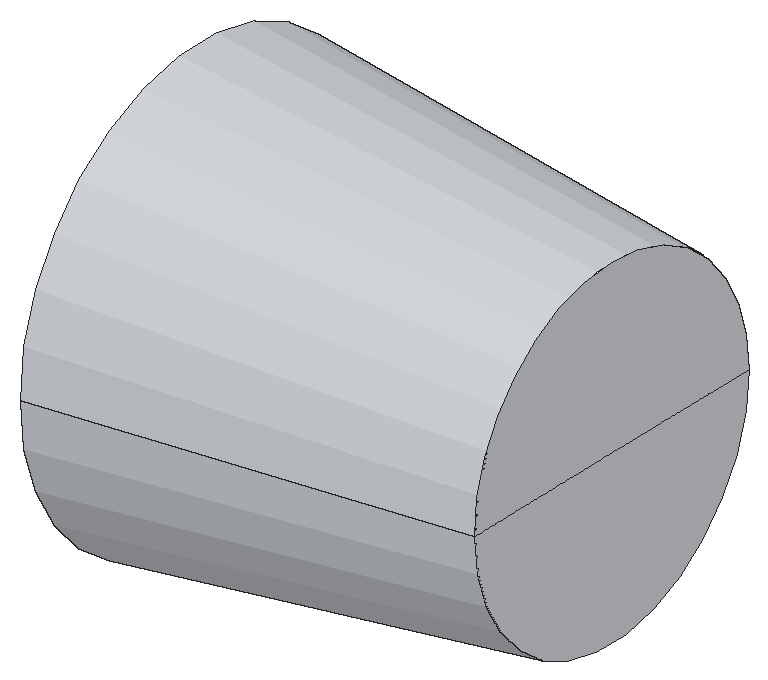
Revit family "8c72e01a711f41989d3faab4d5bb6cd7", category Pipe Fittings, Revit 2021
Family settings
  Round Connector Dimension = Use Radius
  Part Type = Transition
  OmniClass Number = 23.60.30.11.14
  OmniClass Title = Pipework Fittings
  Work Plane-Based = No
  Always vertical = Yes
  Cut with Voids When Loaded = No
  Shared = No
Parameters (values of type "Standard")
  Visibility 2 [instance] = Nominal Diameter 2 > Nominal Diameter 1  # no
  Visibility 1 [instance] = Nominal Diameter 1 > Nominal Diameter 2  # yes
  URL = ""
  Type Comments = ""
  Tick Size 2 [instance] = if(Nominal Diameter 1 > Nominal Diameter 2, Min Tick Size 12, Max Tick Size 12)  # 2.6500"
  Tick Size 1 [instance] = if(Nominal Diameter 1 > Nominal Diameter 2, Max Tick Size 12, Min Tick Size 12)  # 3.4500"
  Min Tick Size 12 [instance] = Min Fitting Outside Diameter 12 * 0.4  # 2.6500"
  Max Tick Size 12 [instance] = Max Fitting Outside Diameter 12 * 0.4  # 3.4500"
  Nominal Radius 2 [instance] = 3.0000"
  Nominal Radius 1 [instance] = 4.0000"
  Nominal Diameter 2 [instance] = Nominal Radius 2 * 2  # 6.0000"
  Nominal Diameter 1 [instance] = Nominal Radius 1 * 2  # 8.0000"
  Min Nominal Diameter 12 [instance] = if(Nominal Diameter 1 > Nominal Diameter 2, Nominal Diameter 2, Nominal Diameter 1)  # 6.0000"
  Max Nominal Diameter 12 [instance] = if(Nominal Diameter 1 > Nominal Diameter 2, Nominal Diameter 1, Nominal Diameter 2)  # 8.0000"
  Manufacturer = ""
  Loss Method = K Coefficient from Table
  Lookup Table Name = "Reducer Concentric - PE - Steel - Fabricated"
  Length [instance] = if(Nominal Diameter 1 = Nominal Diameter 2, Min Nominal Diameter 12 / 2, 4 * (Max Nominal Diameter 12 - Min Nominal Diameter 12))  # 8.0000"
  K Coefficient Table = "Reducer/Coupling/Union/Increaser"
  Fitting Outside Radius 2 [instance] = Fitting Outside Diameter 2 / 2  # 3.3125"
  Fitting Outside Radius 1 [instance] = Fitting Outside Diameter 1 / 2  # 4.3125"
  Min Fitting Outside Diameter 12 [instance] = size_lookup(Lookup Table Name, "FOD", 1.04 * Min Nominal Diameter 12, Min Nominal Diameter 12)  # 6.6250"
  Max Fitting Outside Diameter 12 [instance] = size_lookup(Lookup Table Name, "FOD", 1.04 * Max Nominal Diameter 12, Max Nominal Diameter 12)  # 8.6250"
  built-in parameter 1114238 [instance] = (empty or 0)
  Fitting Outside Diameter 2 [instance] = if(Nominal Diameter 1 > Nominal Diameter 2, Min Fitting Outside Diameter 12, Max Fitting Outside Diameter 12)  # 6.6250"
  Fitting Outside Diameter 1 [instance] = if(Nominal Diameter 1 > Nominal Diameter 2, Max Fitting Outside Diameter 12, Min Fitting Outside Diameter 12)  # 8.6250"
  Description = ""
  Default Elevation = 0.0000"
  Assembly Code = ""
Reference planes (in)
  plane 1 "Center (Front/Back)": y = 0
  plane 2: z = 0
  plane 3 "Center (Left/Right)": x = 0
  plane 4 "Right": x = 8
  plane 5 "TK1 Top": y = 3.45
  plane 6 "TK1 Bottom": y = -3.45
  plane 7 "TK2 Top": y = 2.65
  plane 8 "TK2 Bottom": y = -2.65
  plane 9: y = 4.3125
  plane 10: y = 3.3125
Forms (in)
  Extrusion 1, solid, not visible
    sketch origin (0, 0, 0) x (0, 1, 0) y (0, 0, 1)
      loop
        circle (0, 0) r 1
    from 0 to 8
  Revolve 2, solid, detail levels fine
    sketch origin (0, 0, 0) x (1, 0, 0) y (0, 1, 0)
      loop
        line (0, 0) -> (8, 0) -> (8, 3.3125) -> (0, 4.3125) -> (0, 0)
      axis (0, 0) -> (8, 0)
    angle from 0 to 360
Lines and regions (in)
  model lines, detail levels coarse+medium
    curve 1: line (0, 0, 0) -> (0, 3.45, 0)
    curve 2: line (0, -3.45, 0) -> (0, 0, 0)
    curve 3: line (8, 0, 0) -> (8, 2.65, 0)
    curve 4: line (8, 0, 0) -> (8, -2.65, 0)
  model lines, style "PipeFitting", visible <- "Visibility 1", detail levels coarse+medium
    curve 5: line (0, 3.45, 0) -> (8, 0, 0)
    curve 6: line (0, -3.45, 0) -> (8, 0, 0)
  model lines, style "PipeFitting", visible <- "Visibility 2", detail levels coarse+medium
    curve 7: line (8, 2.65, 0) -> (0, 0, 0)
    curve 8: line (0, 0, 0) -> (8, -2.65, 0)
Dimensions and locks (in)
  "Tick Size 1": plane 5 "TK1 Top" to plane 1 "Center (Front/Back)"
  "Tick Size 1": plane 6 "TK1 Bottom" to plane 1 "Center (Front/Back)"
  "Tick Size 2": plane 7 "TK2 Top" to plane 1 "Center (Front/Back)"
  "Tick Size 2": plane 8 "TK2 Bottom" to plane 1 "Center (Front/Back)"
  "Fitting Outside Radius 1": plane 9 to plane 1 "Center (Front/Back)"
  "Length": plane 3 "Center (Left/Right)" to plane 4 "Right"
  "Fitting Outside Radius 2": plane 10 to plane 1 "Center (Front/Back)"
  radius of Extrusion 1 sketch curve = 1.0000"
  aligned and locked: plane 2 to level
  aligned and locked: plane 2 to Extrusion 1 sketch curve
  aligned and locked: plane 1 "Center (Front/Back)" to Extrusion 1 sketch curve
  aligned and locked: Extrusion 1 to plane 3 "Center (Left/Right)"
  aligned and locked: plane 4 "Right" to Extrusion 1
  aligned and locked: plane 1 "Center (Front/Back)" to curve 2
  aligned and locked: plane 3 "Center (Left/Right)" to curve 1
  aligned and locked: plane 3 "Center (Left/Right)" to curve 2
  aligned and locked: plane 5 "TK1 Top" to curve 1
  aligned and locked: plane 6 "TK1 Bottom" to curve 2
  aligned and locked: plane 7 "TK2 Top" to curve 3
  aligned and locked: curve 4 to plane 4 "Right"
  aligned and locked: plane 1 "Center (Front/Back)" to Revolve 2 sketch curve
  aligned and locked: plane 3 "Center (Left/Right)" to Revolve 2 sketch curve
  aligned and locked: plane 4 "Right" to Revolve 2 sketch curve
  aligned and locked: Revolve 2 sketch curve to Revolve 2 sketch curve
Automatic sketch dimensions
  plane 8 "TK2 Bottom" to curve 8 = 0.0000"
  plane 1 "Center (Front/Back)" to curve 4 = 0.0000"
  Revolve 2 sketch curve to plane 10 = 0.0000"
  Revolve 2 sketch curve to plane 9 = 0.0000"
  Revolve 2 sketch curve to plane 3 "Center (Left/Right)" = 9.7500"
  Revolve 2 sketch curve to Revolve 2 sketch curve = 7.2500"
Connectors (in)
  piping at (0, 0, 0), diameter 8, driven by "Nominal Radius 1"
    settings: on Extrusion 1, index 1, connector inside diameter 8.0000", connector length 0.0000", flow factor 0, pipe flow 0 GPM, pressure drop 0.00 psi, fitting loss kfactor 0, connector angle 0.00°, fixture units 0, engagement length 0.0000", angle of deflection 0.00°, flow configuration 0, flow direction 0, fitting loss method 0, system type 28, joint type 0, gender type 0, connector reference index 2, connector utility 0, adjustable connector no, is connector primary yes, connector description ""
  piping at (8, 0, 0), diameter 6, driven by "Nominal Radius 2"
    settings: on Extrusion 1, index 2, connector inside diameter 6.0000", connector length 0.0000", flow factor 0, pipe flow 0 GPM, pressure drop 0.00 psi, fitting loss kfactor 0, connector angle 0.00°, fixture units 0, engagement length 0.0000", angle of deflection 0.00°, flow configuration 0, flow direction 0, fitting loss method 0, system type 28, joint type 0, gender type 0, connector reference index 1, connector utility 0, adjustable connector no, is connector primary no, connector description ""
